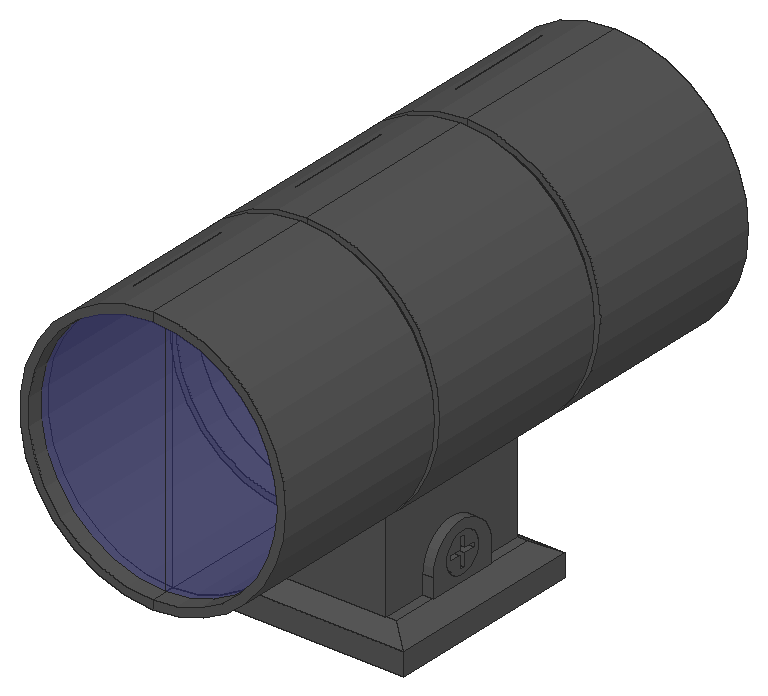
Revit family "CARLO CYLINDER LIGHT WALL MOUNT", category Lighting Fixtures, host Face, Revit 2020 (continued)
Types (10): name | Wattage_Input | Wattage Comments | Wattage | Photometric Web File | built-in parameter 1150142 | Model | built-in parameter 1150105 | Lumens | Light Length 1 | LIGHT RADIUS | LIGHT PLACEMENT | LIGHT LENGTH | LIGHT DIA | built-in parameter 1150106 | FIXED END HEIGHT | Curve base Height | Base Curve | BEAMING ANGLE | Apparent Load
    29.089 26.746 24.042 21.594 20.089 18.93 17.705 16.546 15.446 \r\n 14.408 13.437 12.517 11.636 10.781 9.927 9.1045 8.3347 7.6209 6.985 \r\n 6.3934 5.8091 5.2643 4.7801 4.3529 3.993 3.6791 3.3905 3.1355 2.9181 \r\n 2.7306 2.5697 2.4265 2.2886 2.163 2.0561 1.9577 1.8565 1.7623 1.6839 \r\n 1.6132 1.5438 1.4783 1.4181 1.3593 1.2961 1.2351 1.1833 1.1341 1.0813 \r\n 1.0303 0.9858 0.9438 0.90181 0.86011 0.81678 0.77584 0.74278 0.71126 0.68102 \r\n 0.64979 0.61333 0.57744 0.54827 0.52058 0.49083 0.46007 0.42737 0.39514 0.36648 \r\n 0.3384 0.30806 0.27816 0.25082 0.22489 0.20098 0.17603 0.14756 0.11965 0.097695 \r\n 0.086864 0.097034 0.11943 0.14675 0.18448 0.25066 0.32212 0.37702 0.42944 0.49275 \r\n 0.54734 0.56975 0.58492 0.61532 0.64491 0.65975 0.67605 0.70957 0.74774 0.78166 \r\n 0.81604 0.85394 0.89144 0.92353 0.9566 0.99773 1.0398 1.0765 1.1127 1.1515 \r\n 1.1916 1.2313 1.2757 1.3316 1.3916 1.4493 1.5079 1.5679 1.6305 1.6981 \r\n 1.768 1.8366 1.9083 1.986 2.0698 2.1603 2.2587 2.3654 2.4839 2.6178 \r\n 2.7663 2.9275 3.1085 3.3167 3.5489 3.8012 4.0826 4.3946 4.7545 5.187 \r\n 5.6718 6.1838 6.7618 7.4536 8.2069 8.9686 9.7895 10.726 11.708 12.676 \r\n 13.658 14.664 15.689 16.731 17.791 18.846 19.97 21.288 22.614 23.665 \r\n 24.861 26.451 28.657 31.621 35.831 41.033 49.59 64.106 83.612 108.79 \r\n 137.3 167.04 198.03 229.75 261.75 293.56 324.73 354.96 383.3 409.03 \r\n 431.25 449.05 461.73 466.74 468.79 472.33 475.6 478.25 480.42 481.98 \r\n 483.45 485.45 487.69 490.08 492.63 495.25 498.11 501.46 504.91 508.06 \r\n 511.24 514.68 518.35 522.38 526.47 530.28 534.11 538.08 542.44 547.56 \r\n 553.25 559.29 566.11 574.01 583.09 593.31 605.32 619.64 636.63 656.49 \r\n 680.16 708.57 741.94 780.22 825.29 879.16 941.45 1011.5 1092.1 1186 \r\n 1291.8 1408.6 1538.2 1682.6 1840.2 2008.5 2191.4 2397.1 2611.3 2821.3 \r\n 3031.1 3240.2 3449.8 3663.7 3873.9 4073.4 4262.9 4440.7 4606.5 4760.1 \r\n 4899.8 5023.8 5131.9 5223 5297.5 5354.5 5396.6 5424.9 5442.9 5455.2 \r\n 5509.6 \r\n5444.5 5457.6 5479.3 5489.3 5488 5476.4 5453.8 5418.9 5374.7 5324.4 \r\n 5265.7 5199.1 5118.2 5014.4 4895.2 4765 4624.4 4476.5 4317.8 4143.6 \r\n 3959.6 3771 3575.4 3370.5 3162.2 2955.1 2750.3 2550.3 2354.5 2161.7 \r\n 1975.5 1797.5 1632.2 1483.9 1355.2 1255.5 1168.9 1081.2 997.1 913.33 \r\n 839.15 785.84 743.99 707.84 677.6 651.63 629.62 610.78 594.77 581.07 \r\n 569.46 559.61 551.33 544.45 538.55 533.13 528.31 524.11 520.35 516.88 \r\n 513.64 510.5 507.49 504.62 501.77 498.78 495.73 492.66 489.58 486.48 \r\n 483.42 480.55 477.57 474.15 470.54 467.07 463.15 459.14 452.56 440.81 \r\n 424.61 403.3 378.37 351.02 321.53 289.96 258.12 228.12 199.06 170.09 \r\n 143.15 120.82 100.34 77.945 59.236 50.448 45.904 41.861 38.753 35.687 \r\n 32.89 30.362 27.889 25.04 22.46 20.851 19.613 18.345 17.155 16.014 \r\n 14.937 13.938 12.993 12.091 11.214 10.33 9.4797 8.6987 7.9727 7.3047 \r\n 6.6783 6.0704 5.5037 4.9931 4.5382 4.148 3.8082 3.5085 3.2465 3.0178 \r\n 2.8183 2.645 2.4904 2.3446 2.2128 2.1005 1.9978 1.8937 1.7967 1.7134 \r\n 1.6377 1.5654 1.4971 1.4333 1.3716 1.3082 1.2478 1.1952 1.1452 1.0929 \r\n 1.043 1.0002 0.96002 0.91898 0.87787 0.83503 0.7943 0.76102 0.72909 0.69738 \r\n 0.66472 0.62798 0.59199 0.56211 0.53362 0.50335 0.47203 0.43839 0.40522 0.37595 \r\n 0.34748 0.31717 0.28715 0.25887 0.23175 0.20643 0.1809 0.1592 0.14091 0.12549 \r\n 0.11738 0.11988 0.13596 0.17415 0.22103 0.27931 0.34231 0.40536 0.46503 0.5172 \r\n 0.5593 0.58312 0.60154 0.6273 0.65269 0.67116 0.69205 0.72551 0.76266 0.79694 \r\n 0.83159 0.86847 0.90525 0.93883 0.97332 1.0134 1.0543 1.0921 1.1305 1.1724 \r\n 1.2156 1.2566 1.3014 1.3571 1.4165 1.4744 1.5328 1.5909 1.652 1.7208 \r\n 1.7923 1.861 1.9328 2.0121 2.0976 2.1888 2.2878 2.3953 2.515 2.6503 \r\n 2.8015 2.967 3.1551 3.3763 3.6226 3.8848 4.1759 4.4998 4.8735 5.3209 \r\n 5.8251 6.3679 6.9773 7.6906 8.4632 9.2481 10.09 11.037 12.03 13.019 \r\n 14.017 15.014 16.032 17.094 18.185 19.274 20.426 21.753 23.083 24.101 \r\n 25.361 27.338 29.963 32.754 37.43 45.53 57.114 72.574 92.451 118.31 \r\n 147.46 177.69 209.06 241.1 273.18 304.56 335.05 364.54 392 416.7 \r\n 437.57 453.22 463.92 468.15 469.94 473.46 476.81 479.39 481.54 483.24 \r\n 484.92 487.06 489.42 491.93 494.55 497.17 499.97 503.19 506.52 509.65 \r\n 512.88 516.5 520.34 524.41 528.51 532.37 536.29 540.38 544.9 550.28 \r\n 556.22 562.39 569.36 577.56 587.03 597.72 610.34 625.46 643.43 664.52 \r\n 689.58 719.42 754.5 794.67 842.51 901.82 968.86 1038.7 1118.7 1215.8 \r\n 1326.1 1447.5 1581.7 1730.1 1891.5 2064.5 2251.7 2459.5 2675.1 2887.1 \r\n 3098.7 3309.2 3519 3730.3 3937.3 4135.4 4323.1 4497.2 4658.8 4808.5 \r\n 4944.4 5065 5169.6 5256.7 5326.9 5378.9 5416.3 5441.2 5456 5464.3 \r\n 5509.6 \r\n5444.5 5455.7 5480.2 5491.6 5492 5484 5465.3 5433.7 5392.2 5343.6 \r\n 5286.5 5222.8 5145.6 5046.8 4932.9 4807.8 4671.4 4525.7 4368.5 4196.7 \r\n 4014.7 3826.3 3630.4 3424.7 3216 3011 2807.9 2607.7 2410 2213.1 \r\n 2022.2 1840.6 1672 1520.6 1387.4 1278.4 1182.8 1090.7 1005.2 924.03 \r\n 852.63 797.82 753.44 715.81 684.35 657.39 634.55 614.99 598.37 584.11 \r\n 572.02 561.79 553.22 546.12 540.08 534.55 529.67 525.43 521.62 518 \r\n 514.63 511.52 508.55 505.67 502.77 499.7 496.53 493.25 489.92 486.61 \r\n 483.35 480.3 477.21 473.85 470.29 466.58 462.57 458.82 453.21 444.03 \r\n 430.69 411.34 388.02 362.03 333.7 303.27 272.34 242.82 213.91 185.01 \r\n 157.47 132.89 109.91 86.216 66.213 54.94 48.203 43.771 40.786 37.443 \r\n 34.356 31.629 28.997 26.016 23.326 21.615 20.295 18.982 17.761 16.579 \r\n 15.465 14.438 13.47 12.545 11.646 10.732 9.8554 9.0633 8.3246 7.6237 \r\n 6.9613 6.3288 5.7397 5.2044 4.7234 4.3023 3.936 3.6257 3.3573 3.1169 \r\n 2.9048 2.7181 2.5516 2.3978 2.2599 2.1419 2.0346 1.9282 1.8288 1.7404 \r\n 1.6594 1.5839 1.513 1.4453 1.3805 1.3174 1.2577 1.2041 1.1532 1.1017 \r\n 1.0532 1.012 0.97341 0.93348 0.89328 0.85148 0.81146 0.77793 0.74551 0.71226 \r\n 0.67815 0.64132 0.60538 0.57467 0.54524 0.51451 0.4827 0.44808 0.41394 0.38411 \r\n 0.35534 0.32515 0.29512 0.26605 0.23778 0.21083 0.18441 0.17037 0.16142 0.15338 \r\n 0.14877 0.14358 0.15318 0.2029 0.25899 0.30777 0.3606 0.43181 0.49883 0.53834 \r\n 0.56682 0.59344 0.61682 0.63782 0.65881 0.68211 0.70874 0.7418 0.77737 0.81212 \r\n 0.84725 0.88295 0.9189 0.95446 0.99081 1.0296 1.0689 1.1087 1.1501 1.1953 \r\n 1.2414 1.2846 1.3304 1.3854 1.4438 1.5017 1.5599 1.6162 1.6759 1.7458 \r\n 1.819 1.888 1.9601 2.0412 2.1287 2.2205 2.32 2.4288 2.55 2.6867 \r\n 2.8403 3.0101 3.2054 3.4393 3.6994 3.9722 4.2738 4.611 4.9998 5.4624 \r\n 5.9863 6.5611 7.2031 7.937 8.7278 9.5366 10.399 11.355 12.356 13.365 \r\n 14.379 15.369 16.381 17.466 18.591 19.72 20.906 22.232 23.568 24.593 \r\n 25.967 28.356 31.426 34.07 39.276 50.481 65.231 81.458 101.43 127.78 \r\n 157.33 187.66 219.05 251.26 283.34 314.22 343.95 372.58 399.02 422.63 \r\n 442.15 455.67 464.55 468.49 470.52 474.14 477.61 480.17 482.33 484.29 \r\n 486.27 488.62 491.15 493.82 496.55 499.19 501.95 505.04 508.25 511.37 \r\n 514.67 518.45 522.45 526.51 530.58 534.48 538.47 542.66 547.34 552.93 \r\n 559.09 565.4 572.53 581.02 590.89 602.11 615.4 631.37 650.4 672.8 \r\n 699.35 730.72 767.6 809.79 860.55 925.39 997.41 1067.7 1147.8 1248.3 \r\n 1362.9 1488.4 1626.6 1778.8 1944.2 2121.9 2313.1 2522.1 2738.3 2952.1 \r\n 3165.4 3377.3 3587.3 3795.6 3998.9 4195.3 4381.2 4551.7 4709.2 4854.9 \r\n 4986.9 5104.2 5205.5 5288.7 5354.7 5402.1 5435.1 5456.9 5468.7 5473.1 \r\n 5509.6 \r\n5444.5 5453.7 5480.5 5493.2 5495.1 5490.4 5475.4 5446.9 5407.9 5360.5 \r\n 5304.6 5243 5168.9 5074.5 4965.5 4844.9 4712.4 4568.7 4412.9 4243.2 \r\n 4062.9 3874.5 3678 3471.7 3262.9 3059.7 2858.3 2657.6 2458 2257.4 \r\n 2062.4 1877.9 1706.4 1552.6 1415.4 1297.1 1192.5 1096.9 1010.7 932.6 \r\n 864.34 808.32 761.66 722.74 690.24 662.42 638.87 618.71 601.56 586.81 \r\n 574.31 563.78 554.96 547.69 541.51 535.91 530.97 526.7 522.84 519.07 \r\n 515.57 512.48 509.56 506.66 503.7 500.56 497.28 493.79 490.25 486.75 \r\n 483.31 480.08 476.87 473.61 470.14 466.2 462.03 458.3 453.39 446.57 \r\n 435.95 418.55 396.86 372.26 345.13 315.89 285.9 256.86 228.12 199.33 \r\n 171.26 144.53 119.2 94.582 73.591 59.704 50.541 45.624 42.717 39.101 \r\n 35.745 32.801 29.996 26.907 24.137 22.335 20.94 19.582 18.329 17.111 \r\n 15.966 14.914 13.924 12.977 12.055 11.115 10.213 9.4101 8.6587 7.926 \r\n 7.229 6.572 5.961 5.4036 4.8994 4.4491 4.0573 3.737 3.4625 3.2105 \r\n 2.9856 2.786 2.6078 2.4465 2.303 2.1795 2.0678 1.9596 1.8583 1.7649 \r\n 1.6788 1.6004 1.5271 1.4558 1.3882 1.3255 1.2667 1.212 1.1603 1.1096 \r\n 1.0626 1.0227 0.98525 0.94636 0.90724 0.86692 0.828 0.79414 0.76109 0.72641 \r\n 0.69103 0.65427 0.61851 0.58689 0.55642 0.52525 0.49302 0.45749 0.42246 0.39212 \r\n 0.36309 0.33304 0.30304 0.27336 0.24409 0.21538 0.18782 0.18111 0.18123 0.18054 \r\n 0.17951 0.16692 0.17014 0.23058 0.29489 0.33417 0.37674 0.45476 0.52785 0.55477 \r\n 0.57019 0.60024 0.62925 0.6461 0.66324 0.69186 0.72451 0.75706 0.79082 0.82611 \r\n 0.86182 0.89637 0.93156 0.96927 1.0076 1.0451 1.0827 1.1248 1.1696 1.2176 \r\n 1.2663 1.3117 1.359 1.413 1.47 1.5278 1.586 1.6409 1.6994 1.7705 \r\n 1.8452 1.9148 1.9877 2.0708 2.1602 2.253 2.3535 2.4643 2.5878 2.7264 \r\n 2.8829 3.0574 3.26 3.5058 3.7792 4.0636 4.3777 4.7298 5.1352 5.6149 \r\n 6.1601 6.7673 7.4419 8.1965 9.0054 9.838 10.721 11.685 12.691 13.718 \r\n 14.748 15.733 16.745 17.854 19.014 20.188 21.412 22.73 24.078 25.167 \r\n 26.712 29.511 33.033 35.634 41.456 55.723 73.553 90.492 110.48 137.21 \r\n 167 197.17 228.32 260.57 292.57 322.9 351.83 379.48 404.8 427.24 \r\n 445.4 456.89 464.13 468.15 470.75 474.55 478.12 480.69 482.9 485.16 \r\n 487.49 490.08 492.81 495.65 498.5 501.2 503.96 506.93 510.03 513.15 \r\n 516.52 520.44 524.55 528.57 532.58 536.5 540.55 544.84 549.65 555.42 \r\n 561.78 568.27 575.63 584.44 594.75 606.56 620.62 637.52 657.69 681.5 \r\n 709.67 742.73 781.58 825.97 879.79 950 1027 1098.8 1180 1284.1 \r\n 1402.9 1532.2 1674.3 1830.7 2000.4 2182.8 2377.7 2587.3 2803.4 3018.6 \r\n 3233.4 3446.6 3656.5 3861.5 4060.8 4255 4438.7 4605.7 4759.1 4900.6 \r\n 5028.5 5142.3 5240 5319.3 5381.1 5424.2 5453.2 5471.9 5480.7 5481.6 \r\n 5509.6 \r\n5444.5 5451.8 5480.6 5494.4 5497.5 5495.6 5483.8 5458 5421.2 5374.5 \r\n 5319.2 5259.2 5187.3 5096.5 4991.4 4874.6 4745.2 4603.1 4448.4 4280.5 \r\n 4101.5 3912.8 3715.5 3508.8 3300.1 3098.1 2897.6 2696.4 2495.2 2291.5 \r\n 2093.2 1906.5 1733 1577.4 1436.9 1310.5 1198.2 1100 1014.1 938.89 \r\n 873.48 816.57 768.08 728.17 694.87 666.4 642.3 621.67 604.11 589.01 \r\n 576.21 565.45 556.47 549.05 542.77 537.12 532.15 527.84 523.92 520.02 \r\n 516.41 513.34 510.46 507.51 504.49 501.3 497.94 494.29 490.57 486.93 \r\n 483.37 479.97 476.66 473.52 470.18 466.08 461.76 457.88 453.43 448.65 \r\n 440.44 424.89 404.81 381.55 355.59 327.47 298.34 269.72 241.11 212.44 \r\n 183.92 155.27 127.91 102.73 81.025 64.521 52.824 47.306 44.384 40.522 \r\n 36.947 33.789 30.813 27.648 24.833 22.963 21.506 20.108 18.824 17.58 \r\n 16.411 15.339 14.33 13.364 12.422 11.458 10.534 9.7206 8.9567 8.1957 \r\n 7.4681 6.7878 6.1563 5.5802 5.0569 4.5813 4.1668 3.8373 3.5565 3.2934 \r\n 3.0566 2.8452 2.6568 2.4892 2.341 2.2125 2.0969 1.9874 1.8848 1.7873 \r\n 1.6968 1.616 1.5407 1.4665 1.3967 1.3345 1.2767 1.2211 1.1686 1.1188 \r\n 1.0729 1.0344 0.99678 0.9587 0.92064 0.88211 0.84459 0.81026 0.77642 0.7406 \r\n 0.70429 0.66777 0.63225 0.5997 0.56813 0.53652 0.50392 0.46767 0.43194 0.40113 \r\n 0.37183 0.34186 0.31189 0.28184 0.25178 0.22127 0.19239 0.1922 0.2004 0.20612 \r\n 0.20806 0.18873 0.18586 0.25479 0.32524 0.35666 0.39049 0.47258 0.5491 0.5651 \r\n 0.56972 0.60303 0.63735 0.65139 0.66595 0.69966 0.73781 0.76989 0.80201 0.8378 \r\n 0.87409 0.90772 0.94235 0.98213 1.0224 1.0585 1.0948 1.1392 1.187 1.2368 \r\n 1.2872 1.3348 1.3835 1.4364 1.4918 1.5496 1.6079 1.6621 1.7202 1.7923 \r\n 1.8684 1.9389 2.013 2.098 2.1896 2.2839 2.3864 2.5004 2.6275 2.769 \r\n 2.9291 3.1093 3.3196 3.5758 3.8616 4.1595 4.4887 4.8575 5.2817 5.782 \r\n 6.3514 6.9906 7.6966 8.473 9.301 10.156 11.059 12.031 13.043 14.083 \r\n 15.126 16.115 17.134 18.267 19.46 20.681 21.946 23.252 24.623 25.846 \r\n 27.628 30.805 34.768 37.509 44.062 61.096 81.697 99.412 119.55 146.61 \r\n 176.53 206.42 237.19 269.37 301.2 330.97 359.07 385.67 409.77 430.94 \r\n 447.72 457.34 463.19 467.53 470.88 474.85 478.46 481.05 483.34 485.9 \r\n 488.56 491.38 494.3 497.32 500.31 503.11 505.9 508.78 511.79 514.93 \r\n 518.35 522.36 526.53 530.48 534.42 538.33 542.42 546.82 551.77 557.67 \r\n 564.21 570.95 578.64 587.83 598.65 611.17 626.1 644.03 665.44 690.79 \r\n 720.72 755.71 796.78 843.64 900.62 975.78 1057.7 1132.1 1215.7 1323.7 \r\n 1447 1580.1 1726.4 1887.8 2062.4 2249.5 2447.7 2657.4 2872.9 3089.2 \r\n 3305.1 3518.9 3728.3 3930 4125.2 4316.5 4497.3 4660.4 4809.6 4946.8 \r\n 5070.4 5180.3 5274 5348.9 5406.4 5445.4 5470.5 5486.2 5492.1 5489.3 \r\n 5509.6 \r\n5444.5 5447.7 5477.3 5492.1 5496.4 5496 5485.7 5461.4 5425.5 5378.6 \r\n 5323 5263.7 5193 5103.3 4999.2 4882.7 4753.6 4612.5 4459 4292.2 \r\n 4113.8 3924.7 3726.9 3520.8 3312.1 3107.6 2904.4 2702 2500.2 2295.9 \r\n 2097.1 1910.1 1736.3 1580.3 1439 1310.1 1195.9 1100.1 1016.9 941.31 \r\n 874.81 817.59 768.95 728.93 695.56 667.01 642.82 622.07 604.43 589.34 \r\n 576.59 565.87 556.89 549.4 543.03 537.37 532.38 527.96 523.92 519.98 \r\n 516.34 513.26 510.37 507.33 504.24 501.08 497.78 494.16 490.47 486.93 \r\n 483.46 480.06 476.78 473.82 470.7 466.83 462.73 458.91 454.74 450.93 \r\n 444.02 429.93 411.25 389.03 363.83 336.15 307.23 278.62 249.89 221.09 \r\n 192.28 162.95 134.87 109.55 87.256 68.231 54.003 47.781 44.78 40.862 \r\n 37.3 34.012 30.922 27.779 25.024 23.187 21.748 20.332 19.026 17.789 \r\n 16.63 15.554 14.537 13.569 12.624 11.647 10.71 9.8859 9.1125 8.3404 \r\n 7.6003 6.9045 6.2587 5.6753 5.146 4.6614 4.2372 3.898 3.6079 3.3353 \r\n 3.0906 2.8745 2.6833 2.514 2.3647 2.2345 2.1176 2.008 1.9058 1.808 \r\n 1.7172 1.6364 1.5614 1.4878 1.4187 1.3572 1.2999 1.2447 1.1921 1.1413 \r\n 1.094 1.0527 1.0142 0.97548 0.93748 0.90091 0.86505 0.82941 0.79396 0.75854 \r\n 0.72312 0.68729 0.65204 0.6186 0.58588 0.55353 0.52053 0.48452 0.44908 0.41797 \r\n 0.38821 0.35779 0.32756 0.29804 0.26827 0.23636 0.20609 0.20863 0.21968 0.22439 \r\n 0.22559 0.21139 0.21109 0.26415 0.32812 0.36402 0.40082 0.47353 0.54 0.55608 \r\n 0.56294 0.59473 0.62825 0.64608 0.66494 0.69988 0.73841 0.77121 0.80385 0.83974 \r\n 0.87615 0.9104 0.94576 0.98623 1.0269 1.0626 1.0985 1.1436 1.1915 1.2384 \r\n 1.2859 1.3335 1.3826 1.4344 1.4888 1.547 1.6065 1.6632 1.7239 1.7968 \r\n 1.8737 1.947 2.0239 2.1099 2.2033 2.3025 2.4119 2.5354 2.6726 2.8221 \r\n 2.9903 3.1804 3.4002 3.6613 3.9559 4.2772 4.6342 5.0252 5.4752 6.0153 \r\n 6.6255 7.2942 8.0278 8.8383 9.697 10.569 11.486 12.482 13.514 14.548 \r\n 15.59 16.617 17.679 18.826 20.032 21.293 22.597 23.86 25.287 26.905 \r\n 29.157 32.596 36.917 40.358 47.847 65.993 87.993 107.75 129.75 157.61 \r\n 187.84 217.83 248.5 280.51 311.99 341.18 368.4 393.63 416.12 435.53 \r\n 450.62 458.84 463.78 468.26 471.95 475.61 478.86 481.43 483.78 486.3 \r\n 488.95 491.83 494.85 497.95 501.06 504.13 507.15 510.08 513.07 516.28 \r\n 519.72 523.58 527.57 531.42 535.3 539.18 543.31 547.85 552.97 558.95 \r\n 565.69 573.03 581.47 591.37 603.03 616.66 632.88 652.16 675.13 702.4 \r\n 734.51 771.74 815.37 865.4 926 1004.9 1091.4 1172.7 1263.4 1376.5 \r\n 1504.9 1644.4 1798.2 1969.2 2152.7 2345 2545.9 2755 2969 3185.3 \r\n 3401.1 3613.4 3820.6 4019.5 4210.9 4396.3 4570.5 4727.9 4871.8 5004.4 \r\n 5123.1 5226.6 5313.5 5381.3 5432.3 5466.7 5488 5499.3 5501 5494.6 \r\n 5509.6 \r\n5444.5 5445 5474.9 5490.5 5495.9 5496.4 5487 5463.5 5428.1 5380.6 \r\n 5324.3 5265.1 5194.7 5105.1 5000.8 4883.4 4753.6 4612.9 4460.1 4293.7 \r\n 4115.5 3925.6 3727.1 3521.6 3312.8 3105.2 2898.6 2695 2492.8 2288.8 \r\n 2090.5 1904 1730.7 1575.1 1433.9 1304.4 1190.5 1098.2 1018.2 941.59 \r\n 873.35 816.12 767.88 728.09 694.92 666.5 642.42 621.71 604.12 589.18 \r\n 576.59 566.01 557.12 549.6 543.18 537.54 532.56 528.04 523.89 519.94 \r\n 516.31 513.22 510.28 507.16 504 500.9 497.68 494.13 490.52 487.14 \r\n 483.82 480.46 477.22 474.43 471.54 467.98 464.15 460.32 456.25 453.03 \r\n 447.02 434.2 416.8 395.49 370.93 343.54 314.69 286.01 257.11 228.11 \r\n 199.05 169.36 140.94 115.78 93.142 71.851 55.238 48.143 44.857 40.902 \r\n 37.421 34.027 30.842 27.754 25.09 23.308 21.901 20.472 19.147 17.925 \r\n 16.786 15.708 14.687 13.72 12.773 11.788 10.84 10.007 9.2236 8.4447 \r\n
